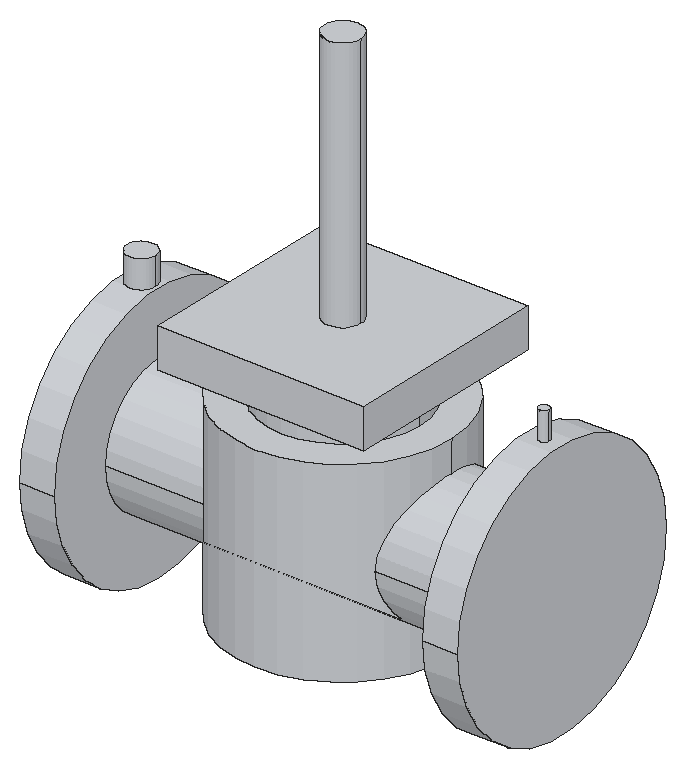
Revit family "OPTIMA_Compact_FLANGE_PN16_DN150-HF_RFA_2018", category Pipe Accessories, Revit 2018
Family settings
  Round Connector Dimension = Use Diameter
  Part Type = Valve - Breaks Into
  Work Plane-Based = No
  Always vertical = Yes
  Cut with Voids When Loaded = No
  Shared = No
Parameters (values of type "Optima Compact Flange PN16 DN150 HF")
  magiProductId = "Frese Optima Flange DN150 HF"
  magiProductFamilyId = "Frese Optima Flange *"
  magiPartTypeId = 304
  isMeasuringValve [instance] = no
  ang2D [instance] = 0.00°
  W2D = 50 mm
  VersionID = "2.0/2018.8.28.1/FRESE_OPTIMA_FLANGE_Q13_002"
  Use Minimum Symbol Size [instance] = yes
  URL = "www.hydronic.cz"
  Type Comments = "Přírubový; PN16; 0~110°C, s měřením"
  R4 = 84 mm
  R3 = 74.1 mm
  R1 = 120 mm
  QmdConnectorList = "301;D;302;D"
  Productdata [instance] = ""
  Manufacturer = "Hydronic Systems Prague s.r.o."
  MC Product Code = "53-1215 (DN150 HF; 43mm; pohon min 1500N; Qmin-dpmin 32000l/h-33.0kPa; Qmax-dpmin 195000l/h-65.0kPa; dpmax 800kPa)"
  MC Piping Given Pressure Drop [instance] = 0.0 Pa
  LF__ve = -LF  # -38.4 mm
  LF2 = 19.2 mm
  LF = 38.4 mm
  L4 = 225.6 mm
  L3 = 403.2 mm
  L2D_Min = 3048 mm
  L2D = 230 mm
  L2 = 240 mm
  H6 = 279.25 mm
  H4 = 42.75 mm
  H3 = 35.625 mm
  H2 = 106.875 mm
  H1 = 213.75 mm
  Description = "Tlakově nezávislý 2-cestný regulační vyvažovací ventil (PICV)"
  DF2 = 142.5 mm
  D = 150 mm
  CAT0 = yes
Types (14, lengths in mm): name | magiProductId | magiProductFamilyId | W2D | Type Comments | R4 | R3 | R1 | MC Product Code | LF__ve | LF2 | LF | L4 | L3 | L2D | L2 | H6 | H4 | H3 | H2 | H1 | DF2 | D
  Optima Compact Flange PN16 DN050 LF | "Frese Optima Flange DN050 LF" | "Frese Optima Flange *" | 50 | "Přírubový; PN16; 0~120°C, s měřením" | 40.3 | 42.9 | 57.5 | "53-1200 (DN50 LF; 20mm; pohon min 1000N; Qmin-dpmin 2500l/h-6.5kPa; Qmax-dpmin 15000l/h-20.0kPa; dpmax 800kPa)" | -18.4 | 9.2 | 18.4 | 108.1 | 193.2 | 230 | 115 | 157.3 | 24.8 | 20.6 | 61.9 | 123.8 | 82.5 | 50
  Optima Compact Flange PN16 DN050 HF | "Frese Optima Flange DN050 HF" | "Frese Optima Flange *" | 50 | "Přírubový; PN16; 0~120°C, s měřením" | 40.25 | 42.9 | 57.5 | "53-1210 (DN50 HF; 20mm; pohon min 1000N; Qmin-dpmin 3900l/h-19.0kPa; Qmax-dpmin 24000l/h-50.0kPa; dpmax 800kPa)" | -18.4 | 9.2 | 18.4 | 108.1 | 193.2 | 230 | 115 | 157.25 | 24.75 | 20.625 | 61.875 | 123.75 | 82.5 | 50
  Optima Compact Flange PN16 DN065 LF | "Frese Optima Flange DN065 LF" | "Frese Optima Flange *" | 50 | "Přírubový; PN16; 0~120°C, s měřením" | 50.75 | 48.1 | 72.5 | "53-1201 (DN65 LF; 20mm; pohon min 1000N; Qmin-dpmin 4400l/h-15.0kPa; Qmax-dpmin 25000l/h-25.0kPa; dpmax 800kPa)" | -23.2 | 11.6 | 23.2 | 136.3 | 243.6 | 230 | 145 | 171.25 | 27.75 | 23.125 | 69.375 | 138.75 | 92.5 | 65
  Optima Compact Flange PN16 DN065 HF | "Frese Optima Flange DN065 HF" | "Frese Optima Flange *" | 50 | "Přírubový; PN16; 0~120°C, s měřením" | 50.75 | 48.1 | 72.5 | "53-1211 (DN65 HF; 20mm; pohon min 1000N; Qmin-dpmin 6000l/h-30.0kPa; Qmax-dpmin 35000l/h-55.0kPa; dpmax 800kPa)" | -23.2 | 11.6 | 23.2 | 136.3 | 243.6 | 230 | 145 | 171.25 | 27.75 | 23.125 | 69.375 | 138.75 | 92.5 | 65
  Optima Compact Flange PN16 DN080 LF | "Frese Optima Flange DN080 LF" | "Frese Optima Flange *" | 50 | "Přírubový; PN16; 0~120°C, s měřením" | 54.25 | 52 | 77.5 | "53-1202 (DN80 LF; 20mm; pohon min 1000N; Qmin-dpmin 5300l/h-16.0kPa; Qmax-dpmin 34000l/h-25.0kPa; dpmax 800kPa)" | -24.8 | 12.4 | 24.8 | 145.7 | 260.4 | 230 | 155 | 183 | 30 | 25 | 75 | 150 | 100 | 80
  Optima Compact Flange PN16 DN080 HF | "Frese Optima Flange DN080 HF" | "Frese Optima Flange *" | 50 | "Přírubový; PN16; 0~120°C, s měřením" | 54.25 | 52 | 77.5 | "53-1212 (DN80 HF; 20mm; pohon min 1000N; Qmin-dpmin 7000l/h-23.0kPa; Qmax-dpmin 43000l/h-50.0kPa; dpmax 800kPa)" | -24.8 | 12.4 | 24.8 | 145.7 | 260.4 | 230 | 155 | 183 | 30 | 25 | 75 | 150 | 100 | 80
  Optima Compact Flange PN16 DN100 LF | "Frese Optima Flange DN100 LF" | "Frese Optima Flange *" | 50 | "Přírubový; PN16; 0~120°C, s měřením" | 61.25 | 61.1 | 87.5 | "53-1203 (DN100 LF; 40mm; pohon min 1000N; Qmin-dpmin 12100l/h-20.0kPa; Qmax-dpmin 68000l/h-35.0kPa; dpmax 800kPa)" | -28 | 14 | 28 | 164.5 | 294 | 230 | 175 | 268.75 | 35.25 | 29.375 | 88.125 | 176.25 | 117.5 | 100
  Optima Compact Flange PN16 DN100 HF | "Frese Optima Flange DN100 HF" | "Frese Optima Flange *" | 50 | "Přírubový; PN16; 0~120°C, s měřením" | 61.25 | 61.1 | 87.5 | "53-1213 (DN100 HF; 40mm; pohon min 1000N; Qmin-dpmin 14800l/h-30.0kPa; Qmax-dpmin 90000l/h-75.0kPa; dpmax 800kPa)" | -28 | 14 | 28 | 164.5 | 294 | 230 | 175 | 268.75 | 35.25 | 29.375 | 88.125 | 176.25 | 117.5 | 100
  Optima Compact Flange PN16 DN125 LF | "Frese Optima Flange DN125 LF" | "Frese Optima Flange *" | 50 | "Přírubový; PN16; 0~120°C, s měřením" | 70 | 70.2 | 100 | "53-1204 (DN125 LF; 40mm; pohon min 1000N; Qmin-dpmin 18500l/h-16.0kPa; Qmax-dpmin 110000l/h-35.0kPa; dpmax 800kPa)" | -32 | 16 | 32 | 188 | 336 | 230 | 200 | 275.5 | 40.5 | 33.75 | 101.25 | 202.5 | 135 | 125
  Optima Compact Flange PN16 DN125 HF | "Frese Optima Flange DN125 HF" | "Frese Optima Flange *" | 50 | "Přírubový; PN16; 0~120°C, s měřením" | 70 | 70.2 | 100 | "53-1214 (DN125 HF; 40mm; pohon min 1000N; Qmin-dpmin 23000l/h-27.0kPa; Qmax-dpmin 135000l/h-53.0kPa; dpmax 800kPa)" | -32 | 16 | 32 | 188 | 336 | 230 | 200 | 275.5 | 40.5 | 33.75 | 101.25 | 202.5 | 135 | 125
  Optima Compact Flange PN16 DN150 LF | "Frese Optima Flange DN150 LF" | "Frese Optima Flange *" | 50 | "Přírubový; PN16; 0~110°C, s měřením" | 84 | 74.1 | 120 | "53-1205 (DN150 LF; 43mm; pohon min 1500N; Qmin-dpmin 25600l/h-21.0kPa; Qmax-dpmin 148000l/h-35.0kPa; dpmax 800kPa)" | -38.4 | 19.2 | 38.4 | 225.6 | 403.2 | 230 | 240 | 279.25 | 42.75 | 35.625 | 106.875 | 213.75 | 142.5 | 150
  Optima Compact Flange PN16 DN150 HF | "Frese Optima Flange DN150 HF" | "Frese Optima Flange *" | 50 | "Přírubový; PN16; 0~110°C, s měřením" | 84 | 74.1 | 120 | "53-1215 (DN150 HF; 43mm; pohon min 1500N; Qmin-dpmin 32000l/h-33.0kPa; Qmax-dpmin 195000l/h-65.0kPa; dpmax 800kPa)" | -38.4 | 19.2 | 38.4 | 225.6 | 403.2 | 230 | 240 | 279.25 | 42.75 | 35.625 | 106.875 | 213.75 | 142.5 | 150
  Optima Compact Flange PN16 DN200 LF | "" | "" | 100 | "Přírubový; PN16; 0~110°C, s měřením" | 164.5 | 98.8 | 235 | "53-1206 (DN200 LF; 43mm; pohon min 1500N; Qmin-dpmin 95000l/h-11.0kPa; Qmax-dpmin 210000l/h-32.0kPa; dpmax 800kPa)" | -48 | 24 | 48 | 282 | 504 | 350 | 300 | 281 | 57 | 15 | 209 | 380 | 190 | 200
  Optima Compact Flange PN16 DN200 HF | "" | "" | 100 | "Přírubový; PN16; 0~110°C, s měřením" | 164.5 | 98.8 | 235 | "53-1216 (DN200 HF; 43mm; pohon min 1500N; Qmin-dpmin 130000l/h-31.0kPa; Qmax-dpmin 280000l/h-78.0kPa; dpmax 800kPa)" | -48 | 24 | 48 | 282 | 504 | 350 | 300 | 281 | 57 | 15 | 209 | 380 | 190 | 200
Reference planes
  plane 1 "Center (Front/Back)": y = 0
  plane 2 "XYPLANE": z = 0
  plane 3 "Center (Left/Right)": x = 0
  plane 4 "157": x = 220.8
  plane 5 "156": x = -220.8
  plane 6 "155": z = 142.5
  plane 7 "154": z = 185.25
  plane 8 "153": z = 142.5
  plane 9 "152": z = 106.875
  plane 10 "151": x = -201.6
  plane 11 "150": z = -106.875
  plane 12 "149": x = 0
  plane 13 "148": y = 0
  plane 14 "147": z = 0
  plane 15 "146": x = -240
  plane 16 "145": x = 240
Forms (mm)
  Extrusion 1, solid, visible <- "CAT0"
    sketch origin (-750, 0, 142.5) x (1, 0, 0) y (0, 1, 0)
      loop
        circle (970.8, 0) r 5.5
    from 0 to 30
  Extrusion 2, solid, visible <- "CAT0"
    sketch origin (-750, 0, 142.5) x (1, 0, 0) y (0, 1, 0)
      loop
        circle (529.2, 0) r 15.5
    from 0 to 30
  Extrusion 3, solid, visible <- "CAT0"
    sketch origin (-750, 0, 185.25) x (1, 0, 0) y (0, 1, 0)
      loop
        circle (750, 0) r 20
    from 0 to 279.25 <- "H6"
  Extrusion 4, solid, visible <- "CAT0"
    sketch origin (-750, 0, 142.5) x (1, 0, 0) y (0, 1, 0)
      loop
        line (862.8, 112.8) -> (637.2, 112.8) -> (637.2, -112.8) -> (862.8, -112.8) -> (862.8, 112.8)
    from 0 to 42.75 <- "H4"
  Extrusion 5, solid, visible <- "CAT0"
    sketch origin (-750, 0, 106.875) x (1, 0, 0) y (0, 1, 0)
      loop
        circle (750, 0) r 84
    from 0 to 35.625 <- "H3"
  Extrusion 6, solid, visible <- "CAT0"
    sketch origin (-201.6, -750, 0) x (0, 1, 0) y (0, 0, 1)
      loop
        circle (750, 0) r 74.1
    from 0 to 403.2 <- "L3"
  Extrusion 7, solid, visible <- "CAT0"
    sketch origin (-750, 0, -106.875) x (1, 0, 0) y (0, 1, 0)
      loop
        circle (750, 0) r 120
    from 0 to 213.75 <- "H1"
  Extrusion 8, solid, visible <- "CAT0"
    sketch origin (-240, -750, 0) x (0, 1, 0) y (0, 0, 1)
      loop
        circle (750, 0) r 142.5
    from 0 to 38.4 <- "LF"
  Extrusion 9, solid, visible <- "CAT0"
    sketch origin (240, -750, 0) x (0, 1, 0) y (0, 0, 1)
      loop
        circle (750, 0) r 142.5
    from 0 to -38.4 <- "LF__ve"
  Extrusion 10, solid, not visible
    sketch origin (-240, -750, 0) x (0, 1, 0) y (0, 0, 1)
      loop
        circle (750, 0) r 10
    from 0 to 10
  Extrusion 11, solid, not visible
    sketch origin (240, -750, 0) x (0, 1, 0) y (0, 0, 1)
      loop
        circle (750, 0) r 10
    from 0 to -10
Lines and regions (mm)
  reference lines, not visible
    curve 1: circle (2, 2, 0) r 1 normal (0, 0, 1)
  reference lines
    curve 2: circle (0, 0, 142.5) r 1 normal (0, 0, 1)
Dimensions and locks
  plane 1 "Center (Front/Back)" to curve 1 = 2 mm
  "LF2": plane 16 "145" to plane 4 "157"
  "LF2": plane 15 "146" to plane 5 "156"
  "DF2": plane 2 "XYPLANE" to plane 6 "155"
  "H4": plane 8 "153" to plane 7 "154"
  "H3": plane 9 "152" to plane 8 "153"
  "H1": plane 11 "150" to plane 9 "152"
  "LF": plane 15 "146" to plane 10 "151"
  "H2": plane 2 "XYPLANE" to plane 11 "150"
  locked: plane 3 "Center (Left/Right)" to plane 12 "149"
  locked: plane 1 "Center (Front/Back)" to plane 13 "148"
  locked: plane 2 "XYPLANE" to plane 14 "147"
  "L2": plane 3 "Center (Left/Right)" to plane 15 "146"
  "L2": plane 3 "Center (Left/Right)" to plane 16 "145"
  equal spacing: Extrusion 4 sketch curve, curve 2, Extrusion 4 sketch curve  (x2)
  "L4": Extrusion 4 sketch curve to Extrusion 4 sketch curve  (x2)
  Extrusion 4 sketch curve to Extrusion 4 sketch curve = 0 mm  (x8)
  "R4": radius of Extrusion 5 sketch curve
  "R3": radius of Extrusion 6 sketch curve
  "R1": radius of Extrusion 7 sketch curve
  "DF2": radius of Extrusion 8 sketch curve
  "DF2": radius of Extrusion 9 sketch curve
  aligned and locked: level to plane 2 "XYPLANE"
  aligned and locked: plane 4 "157" to Extrusion 1 sketch curve
  aligned and locked: plane 13 "148" to Extrusion 1 sketch curve
  aligned and locked: plane 5 "156" to Extrusion 2 sketch curve
  aligned and locked: plane 13 "148" to Extrusion 2 sketch curve
  aligned and locked: plane 12 "149" to Extrusion 3 sketch curve
  aligned and locked: plane 13 "148" to Extrusion 3 sketch curve
  aligned and locked: plane 12 "149" to curve 2
  aligned and locked: plane 13 "148" to curve 2
  aligned and locked: plane 12 "149" to Extrusion 5 sketch curve
  aligned and locked: plane 13 "148" to Extrusion 5 sketch curve
  aligned and locked: Extrusion 6 sketch curve to plane 13 "148"
  aligned and locked: plane 14 "147" to Extrusion 6 sketch curve
  aligned and locked: plane 12 "149" to Extrusion 7 sketch curve
  aligned and locked: plane 13 "148" to Extrusion 7 sketch curve
  aligned and locked: Extrusion 8 sketch curve to plane 13 "148"
  aligned and locked: plane 14 "147" to Extrusion 8 sketch curve
  aligned and locked: Extrusion 9 sketch curve to plane 13 "148"
  aligned and locked: plane 14 "147" to Extrusion 9 sketch curve
  aligned and locked: Extrusion 10 sketch curve to plane 13 "148"
  aligned and locked: plane 14 "147" to Extrusion 10 sketch curve
  aligned and locked: Extrusion 11 sketch curve to plane 13 "148"
  aligned and locked: plane 14 "147" to Extrusion 11 sketch curve
Automatic sketch dimensions
  Extrusion 1 sketch curve to plane 4 "157" = 5.5 mm
  plane 15 "146" to Extrusion 2 sketch curve = 3.7 mm
  Extrusion 3 sketch curve to plane 3 "Center (Left/Right)" = 20 mm
  plane 1 "Center (Front/Back)" to Extrusion 10 sketch curve = 10 mm
  plane 1 "Center (Front/Back)" to Extrusion 11 sketch curve = 10 mm
  plane 3 "Center (Left/Right)" to curve 1 = 2 mm
  plane 10 "151" to Extrusion 4 sketch curve = 88.8 mm
  plane 1 "Center (Front/Back)" to Extrusion 4 sketch curve = 112.8 mm
  radius of curve 2 = 1 mm
  radius of curve 1 = 1 mm
Connectors
  piping at (-240, 0, 0), diameter 150, driven by "D"
    settings: on Extrusion 10, index 1, connector inside diameter 609.6 mm, connector length 0 mm, flow factor 0, pipe flow 0.0 L/s, pressure drop 0.0 Pa, fitting loss kfactor 0, connector angle 0.00°, fixture units 0, engagement length 0 mm, angle of deflection 0.00°, flow configuration 0, flow direction 0, fitting loss method 0, system type 29, joint type 0, gender type 0, connector reference index 2, connector utility 0, adjustable connector no, is connector primary yes, connector description ""
  piping at (240, 0, 0), diameter 150, driven by "D"
    settings: on Extrusion 11, index 2, connector inside diameter 609.6 mm, connector length 0 mm, flow factor 0, pipe flow 0.0 L/s, pressure drop 0.0 Pa, fitting loss kfactor 0, connector angle 0.00°, fixture units 0, engagement length 0 mm, angle of deflection 0.00°, flow configuration 0, flow direction 0, fitting loss method 0, system type 29, joint type 0, gender type 0, connector reference index 1, connector utility 0, adjustable connector no, is connector primary no, connector description ""
